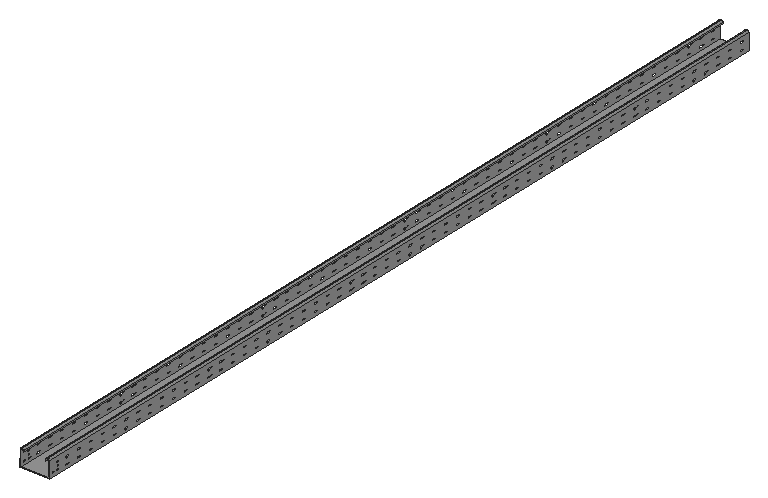
Revit family "Kabelrinne_rksm_A2_610_615_620_630_640_650_660", category Generic Models, Revit 2017 (continued)
Dimensions and locks
  aligned and locked: plane 11 to cut or joined group 1 (Extrusion 1, Extrusion 5, Extrusion 8, Extrusion 10, Extrusion 11, Extrusion 13, Extrusion 14, Extrusion 15, Extrusion 16, Extrusion 17, Extrusion 18, Extrusion 19, Extrusion 20, Extrusion 21, Extrusion 22, Extrusion 23, Extrusion 24, Extrusion 25, Extrusion 26, Extrusion 27, Extrusion 28, Extrusion 29, Extrusion 30, Extrusion 31, Extrusion 32, Extrusion 33, Extrusion 34, Extrusion 35, Extrusion 36, Extrusion 37, Extrusion 38, Extrusion 39, Extrusion 40, Extrusion 41, Extrusion 42, Extrusion 43, Extrusion 44, Extrusion 45, Extrusion 46, Extrusion 47, Extrusion 48, Extrusion 49, Extrusion 50, Extrusion 51, Extrusion 52, Extrusion 53, Extrusion 54, Extrusion 55, Extrusion 56, Extrusion 57, Extrusion 58, Extrusion 59, Extrusion 60, Extrusion 61, Extrusion 62, Extrusion 63, Extrusion 64, Extrusion 65, Extrusion 66, Extrusion 67, Extrusion 68, Extrusion 69, Extrusion 70, Extrusion 71, Extrusion 72, Extrusion 73, Extrusion 74, Extrusion 75, Extrusion 76, Extrusion 77, Extrusion 78, Extrusion 79, Extrusion 80, Extrusion 81, Extrusion 82, Extrusion 83, Extrusion 84, Extrusion 85, Extrusion 86, Extrusion 87, Extrusion 88, Extrusion 89, Extrusion 90, Extrusion 91, Extrusion 92, Extrusion 93, Extrusion 94, Extrusion 95, Extrusion 96, Extrusion 97, Extrusion 98, Extrusion 99, Extrusion 100, Extrusion 101, Extrusion 102, Extrusion 103, Extrusion 104, Extrusion 105, Extrusion 106, Extrusion 107, Extrusion 108, Extrusion 109, Extrusion 110, Extrusion 111, Extrusion 112, Extrusion 113, Extrusion 114, Extrusion 115, Extrusion 116, Extrusion 117, Extrusion 118, Extrusion 119, Extrusion 120, Extrusion 121, Extrusion 122, Extrusion 123, Extrusion 124, Extrusion 125, Extrusion 126, Extrusion 127, Extrusion 128, Extrusion 129, Extrusion 130, Extrusion 131, Extrusion 132, Extrusion 133, Extrusion 134, Extrusion 135, Extrusion 136, Extrusion 137, Extrusion 138, Extrusion 139, Extrusion 140, Extrusion 141, Extrusion 142, Extrusion 143, Extrusion 144, Extrusion 145, Extrusion 146, Extrusion 147, Extrusion 148, Extrusion 149, Extrusion 150, Extrusion 151, Extrusion 152, Extrusion 153, Extrusion 154, Extrusion 155, Extrusion 156, Extrusion 157, Extrusion 158, Extrusion 159, Extrusion 160, Extrusion 161, Extrusion 162, Extrusion 163, Extrusion 164, Extrusion 165, Extrusion 166, Extrusion 167, Extrusion 168, Extrusion 169, Extrusion 170, Extrusion 171, Extrusion 172, Extrusion 173, Extrusion 174, Extrusion 175, Extrusion 176, Extrusion 177, Extrusion 178, Extrusion 179, Extrusion 180, Extrusion 181, Extrusion 182, Extrusion 183, Extrusion 184, Extrusion 185, Extrusion 186, Extrusion 187, Extrusion 188, Extrusion 189, Extrusion 190, Extrusion 191, Extrusion 192, Extrusion 193, Extrusion 194, Extrusion 195, Extrusion 196, Extrusion 197, Extrusion 198, Extrusion 199, Extrusion 200, Extrusion 201, Extrusion 202, Extrusion 203, Extrusion 204, Extrusion 205, Extrusion 206, Extrusion 207, Extrusion 208, Extrusion 209, Extrusion 210, Extrusion 211, Extrusion 212, Extrusion 213, Extrusion 214, Extrusion 215, Extrusion 216, Extrusion 217, Extrusion 218, Extrusion 219, Extrusion 220, Extrusion 221, Extrusion 222, Extrusion 223, Extrusion 224, Extrusion 225, Extrusion 226, Extrusion 227, Extrusion 228, Extrusion 229, Extrusion 230, Extrusion 231, Extrusion 232, Extrusion 233, Extrusion 234, Extrusion 235, Extrusion 236, Extrusion 237, Extrusion 238, Extrusion 239, Extrusion 240, Extrusion 241, Extrusion 242, Extrusion 243, Extrusion 244, Extrusion 245, Extrusion 246, Extrusion 247, Extrusion 248, Extrusion 249, Extrusion 250, Extrusion 251, Extrusion 252, Extrusion 253, Extrusion 254, Extrusion 255, Extrusion 256, Extrusion 257, Extrusion 258, Extrusion 259, Extrusion 260, Extrusion 261, Extrusion 262, Extrusion 263, Extrusion 264, Extrusion 265, Extrusion 266, Extrusion 267, Extrusion 268, Extrusion 269, Extrusion 270, Extrusion 271, Extrusion 272, Extrusion 273, Extrusion 274, Extrusion 275, Extrusion 276, Extrusion 277)
  aligned and locked: cut or joined group 1 to cut or joined group 1  (x112)
  aligned and locked: Extrusion 19 sketch curve to Extrusion 19 sketch curve
  aligned and locked: Extrusion 20 sketch curve to Extrusion 20 sketch curve
  aligned and locked: Extrusion 21 sketch curve to Extrusion 21 sketch curve
  aligned and locked: Extrusion 22 sketch curve to Extrusion 22 sketch curve
  aligned and locked: Extrusion 23 sketch curve to Extrusion 23 sketch curve
  aligned and locked: Extrusion 24 sketch curve to Extrusion 24 sketch curve
  aligned and locked: Extrusion 25 sketch curve to Extrusion 25 sketch curve
  aligned and locked: Extrusion 26 sketch curve to Extrusion 26 sketch curve
  aligned and locked: cut or joined group 1 to Extrusion 20
  aligned and locked: cut or joined group 1 to Extrusion 14
  aligned and locked: Extrusion 29 sketch curve to Extrusion 29 sketch curve
  aligned and locked: Extrusion 30 sketch curve to Extrusion 30 sketch curve
  aligned and locked: Extrusion 31 sketch curve to Extrusion 31 sketch curve
  aligned and locked: Extrusion 32 sketch curve to Extrusion 32 sketch curve
  aligned and locked: Extrusion 33 sketch curve to Extrusion 33 sketch curve
  aligned and locked: Extrusion 34 sketch curve to Extrusion 34 sketch curve
  aligned and locked: Extrusion 35 sketch curve to Extrusion 35 sketch curve
  aligned and locked: Extrusion 36 sketch curve to Extrusion 36 sketch curve
  aligned and locked: Extrusion 37 sketch curve to Extrusion 37 sketch curve
  aligned and locked: Extrusion 38 sketch curve to Extrusion 38 sketch curve
  aligned and locked: Extrusion 39 sketch curve to Extrusion 39 sketch curve
  aligned and locked: Extrusion 40 sketch curve to Extrusion 40 sketch curve
  aligned and locked: Extrusion 41 sketch curve to Extrusion 41 sketch curve
  aligned and locked: Extrusion 42 sketch curve to Extrusion 42 sketch curve
  aligned and locked: Extrusion 43 sketch curve to Extrusion 43 sketch curve
  aligned and locked: Extrusion 44 sketch curve to Extrusion 44 sketch curve
  aligned and locked: Extrusion 45 sketch curve to Extrusion 45 sketch curve
  aligned and locked: Extrusion 46 sketch curve to Extrusion 46 sketch curve
  aligned and locked: Extrusion 47 sketch curve to Extrusion 47 sketch curve
  aligned and locked: Extrusion 48 sketch curve to Extrusion 48 sketch curve
  aligned and locked: Extrusion 49 sketch curve to Extrusion 49 sketch curve
  aligned and locked: Extrusion 50 sketch curve to Extrusion 50 sketch curve
  aligned and locked: Extrusion 51 sketch curve to Extrusion 51 sketch curve
  aligned and locked: Extrusion 52 sketch curve to Extrusion 52 sketch curve
  aligned and locked: Extrusion 53 sketch curve to Extrusion 53 sketch curve
  aligned and locked: Extrusion 54 sketch curve to Extrusion 54 sketch curve
  aligned and locked: Extrusion 55 sketch curve to Extrusion 55 sketch curve
  aligned and locked: Extrusion 56 sketch curve to Extrusion 56 sketch curve
  aligned and locked: Extrusion 57 sketch curve to Extrusion 57 sketch curve
  aligned and locked: Extrusion 58 sketch curve to Extrusion 58 sketch curve
  aligned and locked: Extrusion 59 sketch curve to Extrusion 59 sketch curve
  aligned and locked: Extrusion 60 sketch curve to Extrusion 60 sketch curve
  aligned and locked: Extrusion 61 sketch curve to Extrusion 61 sketch curve
  aligned and locked: Extrusion 62 sketch curve to Extrusion 62 sketch curve
  aligned and locked: Extrusion 63 sketch curve to Extrusion 63 sketch curve
  aligned and locked: Extrusion 64 sketch curve to Extrusion 64 sketch curve
  aligned and locked: Extrusion 65 sketch curve to Extrusion 65 sketch curve
  aligned and locked: Extrusion 66 sketch curve to Extrusion 66 sketch curve
  aligned and locked: Extrusion 67 sketch curve to Extrusion 67 sketch curve
  aligned and locked: Extrusion 68 sketch curve to Extrusion 68 sketch curve
  aligned and locked: Extrusion 69 sketch curve to Extrusion 69 sketch curve
  aligned and locked: Extrusion 70 sketch curve to Extrusion 70 sketch curve
  aligned and locked: Extrusion 71 sketch curve to Extrusion 71 sketch curve
  aligned and locked: Extrusion 72 sketch curve to Extrusion 72 sketch curve
  aligned and locked: Extrusion 73 sketch curve to Extrusion 73 sketch curve
  aligned and locked: Extrusion 74 sketch curve to Extrusion 74 sketch curve
  aligned and locked: Extrusion 75 sketch curve to Extrusion 75 sketch curve
  aligned and locked: Extrusion 76 sketch curve to Extrusion 76 sketch curve
  aligned and locked: Extrusion 77 sketch curve to Extrusion 77 sketch curve
  aligned and locked: Extrusion 78 sketch curve to Extrusion 78 sketch curve
  aligned and locked: Extrusion 79 sketch curve to Extrusion 79 sketch curve
  aligned and locked: Extrusion 80 sketch curve to Extrusion 80 sketch curve
  aligned and locked: Extrusion 81 sketch curve to Extrusion 81 sketch curve
  aligned and locked: Extrusion 82 sketch curve to Extrusion 82 sketch curve
  aligned and locked: Extrusion 83 sketch curve to Extrusion 83 sketch curve
  aligned and locked: Extrusion 84 sketch curve to Extrusion 84 sketch curve
  aligned and locked: Extrusion 85 sketch curve to Extrusion 85 sketch curve
  aligned and locked: Extrusion 86 sketch curve to Extrusion 86 sketch curve
  aligned and locked: Extrusion 87 sketch curve to Extrusion 87 sketch curve
  aligned and locked: Extrusion 88 sketch curve to Extrusion 88 sketch curve
  aligned and locked: Extrusion 89 sketch curve to Extrusion 89 sketch curve
  aligned and locked: Extrusion 90 sketch curve to Extrusion 90 sketch curve
  aligned and locked: Extrusion 91 sketch curve to Extrusion 91 sketch curve
  aligned and locked: Extrusion 92 sketch curve to Extrusion 92 sketch curve
  aligned and locked: Extrusion 93 sketch curve to Extrusion 93 sketch curve
  aligned and locked: Extrusion 94 sketch curve to Extrusion 94 sketch curve
  aligned and locked: Extrusion 95 sketch curve to Extrusion 95 sketch curve
  aligned and locked: Extrusion 96 sketch curve to Extrusion 96 sketch curve
  aligned and locked: Extrusion 97 sketch curve to Extrusion 97 sketch curve
  aligned and locked: Extrusion 98 sketch curve to Extrusion 98 sketch curve
  aligned and locked: Extrusion 99 sketch curve to Extrusion 99 sketch curve
  aligned and locked: Extrusion 100 sketch curve to Extrusion 100 sketch curve
  aligned and locked: Extrusion 101 sketch curve to Extrusion 101 sketch curve
  aligned and locked: Extrusion 102 sketch curve to Extrusion 102 sketch curve
  aligned and locked: Extrusion 103 sketch curve to Extrusion 103 sketch curve
  aligned and locked: Extrusion 104 sketch curve to Extrusion 104 sketch curve
  aligned and locked: Extrusion 105 sketch curve to Extrusion 105 sketch curve
  aligned and locked: Extrusion 106 sketch curve to Extrusion 106 sketch curve
  aligned and locked: Extrusion 107 sketch curve to Extrusion 107 sketch curve
  aligned and locked: Extrusion 108 sketch curve to Extrusion 108 sketch curve
  aligned and locked: Extrusion 109 sketch curve to Extrusion 109 sketch curve
  aligned and locked: Extrusion 110 sketch curve to Extrusion 110 sketch curve
  aligned and locked: Extrusion 111 sketch curve to Extrusion 111 sketch curve
  aligned and locked: Extrusion 112 sketch curve to Extrusion 112 sketch curve
  aligned and locked: Extrusion 113 sketch curve to Extrusion 113 sketch curve
  aligned and locked: Extrusion 114 sketch curve to Extrusion 114 sketch curve
  aligned and locked: Extrusion 115 sketch curve to Extrusion 115 sketch curve
  aligned and locked: Extrusion 116 sketch curve to Extrusion 116 sketch curve
  aligned and locked: Extrusion 117 sketch curve to Extrusion 117 sketch curve
  aligned and locked: Extrusion 118 sketch curve to Extrusion 118 sketch curve
  aligned and locked: Extrusion 119 sketch curve to Extrusion 119 sketch curve
  aligned and locked: Extrusion 120 sketch curve to Extrusion 120 sketch curve
  aligned and locked: Extrusion 121 sketch curve to Extrusion 121 sketch curve
  aligned and locked: Extrusion 122 sketch curve to Extrusion 122 sketch curve
  aligned and locked: Extrusion 123 sketch curve to Extrusion 123 sketch curve
  aligned and locked: Extrusion 124 sketch curve to Extrusion 124 sketch curve
  aligned and locked: Extrusion 125 sketch curve to Extrusion 125 sketch curve
  aligned and locked: Extrusion 126 sketch curve to Extrusion 126 sketch curve
  aligned and locked: Extrusion 127 sketch curve to Extrusion 127 sketch curve
  aligned and locked: Extrusion 128 sketch curve to Extrusion 128 sketch curve
  aligned and locked: Extrusion 129 sketch curve to Extrusion 129 sketch curve
  aligned and locked: Extrusion 130 sketch curve to Extrusion 130 sketch curve
  aligned and locked: Extrusion 131 sketch curve to Extrusion 131 sketch curve
  aligned and locked: Extrusion 132 sketch curve to Extrusion 132 sketch curve
  aligned and locked: Extrusion 133 sketch curve to Extrusion 133 sketch curve
  aligned and locked: Extrusion 134 sketch curve to Extrusion 134 sketch curve
  aligned and locked: Extrusion 241 to level
  aligned and locked: Extrusion 1 to Extrusion 270
  aligned and locked: Extrusion 272 to plane 13
  aligned and locked: plane 14 to Extrusion 272
  aligned and locked: plane 13 to Extrusion 271
  aligned and locked: plane 14 to Extrusion 271
  aligned and locked: cut or joined group 1 to plane 13  (x2)
  aligned and locked: plane 14 to cut or joined group 1  (x2)
  aligned and locked: plane 15 to cut or joined group 1
  aligned and locked: cut or joined group 1 to plane 15  (x3)
  aligned and locked: plane 16 to cut or joined group 1  (x2)
  aligned and locked: plane 18 to Extrusion 273
  aligned and locked: plane 17 to Extrusion 273
  aligned and locked: plane 18 to cut or joined group 1
  aligned and locked: plane 17 to cut or joined group 1
  aligned and locked: plane 17 to plane 16
  aligned and locked: plane 20 to Extrusion 274
  aligned and locked: plane 19 to Extrusion 274
